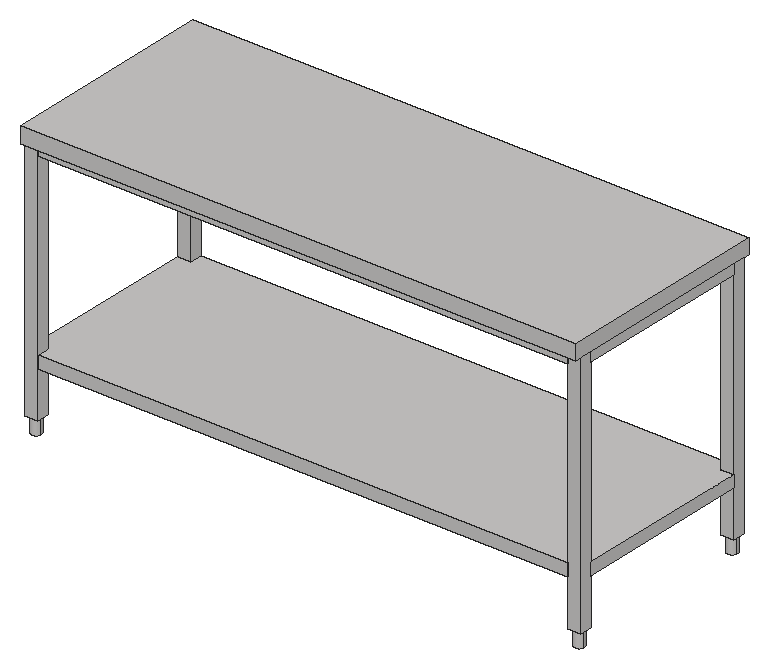
Revit family "QF_ELECTROLUXPROFESSIONAL_134090_LSGTG1800E", category Attrezzature speciali, Revit 2020
Family settings
  Quota connettore circolare = Usa diametro
  Tipo di parte = Normale
  Basato su piano di lavoro = No
  Sempre verticale = Sì
  Taglio con vuoti quando caricato = No
  Condiviso = No
  Punto di calcolo locali = No
Parameters (values of type "Standard")
  Weight = 57.00 kg
  Watts = 0 W
  Volts = 0 V
  URL Manufacturer = "https://www.electroluxprofessional.com/"
  URL = "https://www.electroluxprofessional.com/"
  Steam Supply Size = 0 mm
  Steam Supply Minimum Pressure = 0.0 Pa
  Steam Supply Maximum Pressure = 0.0 Pa
  Steam Consumption per Hour = 0
  Refrigeration Suction Line Size = 0.0 mm
  Refrigeration Liquid Line Size = 0.0 mm
  Refrigerant Compressor Remote = yes
  Prospetto di default = 0.0 mm
  Produttore = "Electrolux Professional"
  Phase = 0
  Modello = "LSGTG1800E"
  Length Actual = 1800.0 mm  # constant formula
  Item Number = "134090"
  Hot Water Size = 0 mm
  Height Actual = 900.0 mm  # constant formula
  HP = "0 HP"
  Gas Size = 0 mm
  Gas KW = 0
  Gas Input Pressure = 0 W
  Direct Waste Size = 0 mm
  Descrizione = "WORK TABLE 1800 MM WITH LOWER SHELF"
  Depth Actual = 700.0 mm  # constant formula
  Cycle = 0 Hz
  Condensate Return Size = 0 mm
  Compressed Air Volume = 0.0 L/s
  Compressed Air Size = 0 mm
  Compressed Air Pressure = 0.0 Pa
  Cold Water Size = 0 mm
  Accessory = yes
Reference planes
  plane 1 "Center (Front/Back)": y = 0
  plane 2: z = 0
  plane 3 "Center (Left/Right)": x = -400
  plane 4 "LEFT": x = -1300
  plane 5 "RIGHT": x = 500
  plane 6 "BACK": y = 350
  plane 7 "FRONT": y = -350
  plane 8 "Base": z = 850
  plane 9 "TOP": z = 900
  plane 10: x = -1280
  plane 11: x = 480
  plane 12: y = 310
  plane 13: y = -310
  plane 14 "TRAVERSI": z = 820
  plane 15: x = -1260
  plane 16: x = 460
  plane 17: y = 290
  plane 18: y = -290
  plane 19: y = 330
  plane 20: y = -330
  plane 21 "Plane": z = 200
Forms (mm)
  Extrusion 1, solid, material "QF_Finishes_Stainless Steel"
    sketch origin (-400, 0, 0) x (0, 1, 0) y (0, 0, 1)
      loop
        line (-350, 850) -> (350, 850) -> (350, 900) -> (-350, 900) -> (-350, 850)
    from 900 to -900
  Extrusion 2, solid, material "QF_Finishes_Stainless Steel"
    sketch origin (0, 0, 820) x (0, 1, 0) y (-1, 0, 0)
      loop
        line (290, -460) -> (-290, -460) -> (-290, -500) -> (290, -500) -> (290, -460)
      loop
        line (290, 1300) -> (-290, 1300) -> (-290, 1260) -> (290, 1260) -> (290, 1300)
    from 0 to 30
  Extrusion 3, solid, material "QF_Finishes_Stainless Steel"
    sketch origin (0, 0, 820) x (0, 1, 0) y (-1, 0, 0)
      loop
        line (330, -460) -> (330, 1260) -> (290, 1260) -> (290, -460) -> (330, -460)
      loop
        line (-290, 1260) -> (-330, 1260) -> (-330, -460) -> (-290, -460) -> (-290, 1260)
    from 0 to 30
  Extrusion 4, solid, material "QF_Finishes_Stainless Steel"
    sketch origin (0, 0, 200) x (0, 1, 0) y (-1, 0, 0)
      loop
        line (290, 1300) -> (-290, 1300) -> (-290, 1260) -> (-330, 1260) -> (-330, -460) -> (-290, -460) -> (-290, -500) -> (290, -500) -> (290, -460) -> (330, -460) -> (330, 1260) -> (290, 1260) -> (290, 1300)
    from 0 to 40
Lines and regions (mm)
  symbolic lines
    curve 1: line (500, 350, 900) -> (-1300, 350, 900)
    curve 2: line (-1300, 350, 900) -> (-1300, -350, 900)
    curve 3: line (-1300, -350, 900) -> (500, -350, 900)
    curve 4: line (500, -350, 900) -> (500, 350, 900)
Dimensions and locks
  plane 4 "LEFT" to plane 5 "RIGHT" = 1800.0 mm
  equal spacing: plane 4 "LEFT", plane 3 "Center (Left/Right)", plane 5 "RIGHT"
  locked: plane 8 "Base" to level at 850
  plane 4 "LEFT" to plane 10 = 20.0 mm
  plane 11 to plane 5 "RIGHT" = 20.0 mm
  plane 10 to plane 11 = 1760.0 mm
  locked: plane 9 "TOP" to level at 900
  plane 6 "BACK" to plane 12 = 40.0 mm
  plane 13 to plane 7 "FRONT" = 40.0 mm
  plane 6 "BACK" to plane 7 "FRONT" = 700.0 mm
  plane 12 to plane 13 = 620.0 mm
  equal spacing: plane 6 "BACK", plane 1 "Center (Front/Back)", plane 7 "FRONT"
  plane 8 "Base" to plane 14 "TRAVERSI" = 30.0 mm
  locked: plane 10 to plane 15 at 20
  locked: plane 16 to plane 11 at 20
  locked: plane 19 to plane 12 at 20
  locked: plane 12 to plane 17 at 20
  locked: plane 18 to plane 13 at 20
  locked: plane 13 to plane 20 at 20
  plane 21 "Plane" to level = 200.0 mm
  aligned and locked: level to plane 2
  aligned and locked: plane 10 to nested 1
  aligned and locked: nested 1 to plane 13
  aligned and locked: plane 11 to nested 2
  aligned and locked: nested 2 to plane 13
  aligned and locked: plane 11 to nested 4
  aligned and locked: nested 4 to plane 12
  aligned and locked: plane 10 to nested 3
  aligned and locked: nested 3 to plane 12
  aligned and locked: Extrusion 1 to plane 4 "LEFT"
  aligned and locked: plane 5 "RIGHT" to Extrusion 1
  aligned and locked: curve 2 to plane 4 "LEFT"
  aligned and locked: Extrusion 2 sketch curve to plane 5 "RIGHT"
  aligned and locked: Extrusion 2 sketch curve to plane 17  (x2)
  aligned and locked: plane 16 to Extrusion 2 sketch curve
  aligned and locked: plane 18 to Extrusion 2 sketch curve  (x2)
  aligned and locked: plane 4 "LEFT" to Extrusion 2 sketch curve
  aligned and locked: Extrusion 2 sketch curve to plane 15
  aligned and locked: plane 19 to Extrusion 3 sketch curve
  aligned and locked: Extrusion 3 sketch curve to plane 17
  aligned and locked: Extrusion 3 sketch curve to plane 18
  aligned and locked: plane 20 to Extrusion 3 sketch curve
  aligned and locked: Extrusion 3 sketch curve to plane 15
  aligned and locked: plane 15 to Extrusion 3 sketch curve
  aligned and locked: plane 16 to Extrusion 3 sketch curve
  aligned and locked: Extrusion 3 sketch curve to plane 16
  aligned and locked: Extrusion 4 sketch curve to plane 19
  aligned and locked: Extrusion 4 sketch curve to plane 5 "RIGHT"
  aligned and locked: Extrusion 4 sketch curve to plane 20
  aligned and locked: plane 4 "LEFT" to Extrusion 4 sketch curve
  aligned and locked: Extrusion 4 sketch curve to plane 17  (x2)
  aligned and locked: plane 15 to Extrusion 4 sketch curve
  aligned and locked: Extrusion 4 sketch curve to plane 16
  aligned and locked: Extrusion 4 sketch curve to plane 18  (x2)
  aligned and locked: plane 16 to Extrusion 4 sketch curve
  aligned and locked: Extrusion 4 sketch curve to plane 15
Automatic sketch dimensions
  Extrusion 1 sketch curve to plane 7 "FRONT" = 0.0 mm
  Extrusion 1 sketch curve to plane 8 "Base" = 0.0 mm
  curve 3 to plane 7 "FRONT" = 0.0 mm
  curve 4 to plane 6 "BACK" = 0.0 mm
  Extrusion 1 sketch curve to plane 9 "TOP" = 0.0 mm
  Extrusion 1 sketch curve to plane 6 "BACK" = 0.0 mm
  curve 4 to plane 5 "RIGHT" = 0.0 mm
Nested families
  nested 1: "FEET_40x40_P50" at (-1280, -310, 0), type "FEET_40x40_P50"
  nested 2: "FEET_40x40_P50" at (480, -310, 0), type "FEET_40x40_P50"
  nested 3: "FEET_40x40_P50" at (-1280, 310, 0), type "FEET_40x40_P50"
  nested 4: "FEET_40x40_P50" at (480, 310, 0), type "FEET_40x40_P50"
Definition of nested family "FEET_40x40_P50"
  Parameters
    Default Elevation = 0.0 mm
    FEET = 850.0 mm
  Reference planes
    plane 1 "Center (Front/Back)": y = 0
    plane 2: z = 0
    plane 3 "Center (Left/Right)": x = 0
    plane 4: z = 850
  Forms (mm)
    Extrusion 1, solid
      sketch origin (0, 0, 0) x (1, 0, 0) y (0, 1, 0)
        loop
          line (-20, -20) -> (20, -20) -> (20, 20) -> (-20, 20) -> (-20, -20)
      from 50 to 850
    Extrusion 2, solid
      sketch origin (0, 0, 0) x (1, 0, 0) y (0, 1, 0)
        loop
          circle (0, 0) r 16
      from 0 to 50
  Lines and regions (mm)
    symbolic lines
      curve 1: line (0, -1.503, 0) -> (0, 1.508, 0)
      curve 2: line (1.561, 0, 0) -> (-1.439, 0, 0)
  Dimensions and locks
    "FEET": plane 4 to plane 2
    aligned and locked: level to plane 2
  Automatic sketch dimensions
    Extrusion 1 sketch curve to plane 3 "Center (Left/Right)" = 20.0 mm
    plane 3 "Center (Left/Right)" to Extrusion 1 sketch curve = 20.0 mm
    plane 1 "Center (Front/Back)" to Extrusion 1 sketch curve = 20.0 mm
    Extrusion 1 sketch curve to plane 1 "Center (Front/Back)" = 20.0 mm
    plane 1 "Center (Front/Back)" to Extrusion 2 sketch curve = 0.0 mm
    Extrusion 2 sketch curve to plane 3 "Center (Left/Right)" = 0.0 mm
    plane 1 "Center (Front/Back)" to curve 2 = 0.0 mm
    curve 1 to plane 3 "Center (Left/Right)" = 0.0 mm
    curve 2 to plane 3 "Center (Left/Right)" = 1.439 mm
    plane 3 "Center (Left/Right)" to curve 2 = 1.561 mm
    plane 1 "Center (Front/Back)" to curve 1 = 1.503 mm
    curve 1 to plane 1 "Center (Front/Back)" = 1.508 mm
    radius of Extrusion 2 sketch curve = 16.0 mm
